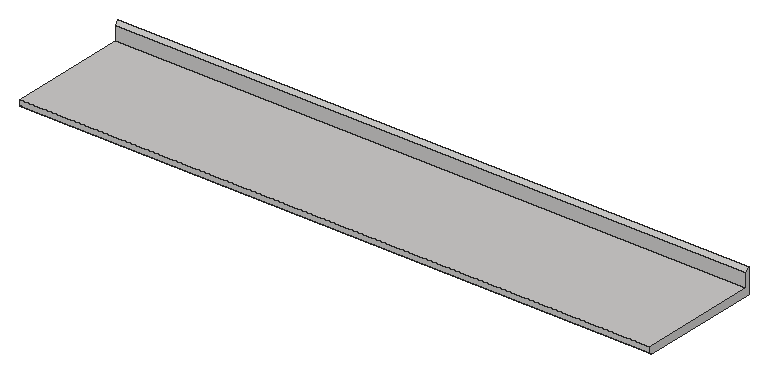
Revit family "QF_ELECTROLUXPROFESSIONAL_121174_TPLA36A", category Attrezzature speciali, Revit 2020
Family settings
  Quota connettore circolare = Usa diametro
  Tipo di parte = Normale
  Basato su piano di lavoro = No
  Sempre verticale = Sì
  Taglio con vuoti quando caricato = No
  Condiviso = No
  Punto di calcolo locali = No
Parameters (values of type "Standard")
  Weight = 113.00 kg
  Watts = 0 W
  Volts = 0 V
  URL Manufacturer = "https://www.electroluxprofessional.com/"
  URL = "https://www.electroluxprofessional.com/"
  Steam Supply Size = 0 mm
  Steam Supply Minimum Pressure = 0.0 Pa
  Steam Supply Maximum Pressure = 0.0 Pa
  Steam Consumption per Hour = 0
  Refrigeration Suction Line Size = 0.0 mm
  Refrigeration Liquid Line Size = 0.0 mm
  Refrigerant Compressor Remote = yes
  Prospetto di default = 0.0 mm
  Phase = 0
  Modello = "TPLA36A"
  Produttore = "Electrolux Professional"
  Length Actual = 3600.0 mm  # constant formula
  Item Number = "121174"
  Hot Water Size = 0 mm
  Height Actual = 140.0 mm  # constant formula
  HP = "0 HP"
  Gas Size = 0 mm
  Gas KW = 0
  Gas Input Pressure = 0 W
  Direct Waste Size = 0 mm
  Descrizione = "WORK TOP WITH UPSTAND 3600MM"
  Depth Actual = 700.0 mm  # constant formula
  Cycle = 0 Hz
  Condensate Return Size = 0 mm
  Compressed Air Volume = 0.0 L/s
  Compressed Air Size = 0 mm
  Compressed Air Pressure = 0.0 Pa
  Cold Water Size = 0 mm
  Accessory = yes
Reference planes
  plane 1 "Center (Front/Back)": y = 0
  plane 2: z = 0
  plane 3 "Center (Left/Right)": x = -1300
  plane 4 "LEFT": x = -3100
  plane 5 "RIGHT": x = 500
  plane 6 "BACK": y = 350
  plane 7 "FRONT": y = -350
  plane 8 "TOP": z = 1000
  plane 9: z = 900
  plane 10: z = 860
Forms (mm)
  Extrusion 1, solid, material "QF_Finishes_Stainless Steel"
    sketch origin (-1300, 0, 0) x (0, 1, 0) y (0, 0, 1)
      loop
        line (350, 1000) -> (330, 980) -> (330, 900) -> (-350, 900) -> (-350, 870) -> (-340, 860) -> (350, 860) -> (350, 1000)
    from 1800 to -1800
Lines and regions (mm)
  symbolic lines
    curve 1: line (500, 350, 1000) -> (-3100, 350, 1000)
    curve 2: line (-3100, 350, 1000) -> (-3100, -350, 1000)
    curve 3: line (-3100, -350, 1000) -> (500, -350, 1000)
    curve 4: line (500, -350, 1000) -> (500, 350, 1000)
    curve 5: line (-3100, 330, 1000) -> (500, 330, 1000)
Dimensions and locks
  plane 4 "LEFT" to plane 5 "RIGHT" = 3600.0 mm
  equal spacing: plane 4 "LEFT", plane 3 "Center (Left/Right)", plane 5 "RIGHT"
  plane 6 "BACK" to plane 7 "FRONT" = 700.0 mm
  equal spacing: plane 6 "BACK", plane 1 "Center (Front/Back)", plane 7 "FRONT"
  locked: plane 8 "TOP" to plane 9 at 100
  locked: plane 6 "BACK" to Extrusion 1 sketch curve at 20
  plane 10 to level = 860.0 mm
  plane 8 "TOP" to plane 10 = 140.0 mm
  aligned and locked: level to plane 2
  aligned and locked: Extrusion 1 to plane 4 "LEFT"
  aligned and locked: plane 5 "RIGHT" to Extrusion 1
  aligned and locked: curve 2 to plane 4 "LEFT"
  aligned and locked: Extrusion 1 sketch curve to plane 9
  aligned and locked: Extrusion 1 sketch curve to plane 6 "BACK"
  aligned and locked: plane 7 "FRONT" to Extrusion 1 sketch curve
  aligned and locked: plane 10 to Extrusion 1 sketch curve
Automatic sketch dimensions
  curve 3 to plane 7 "FRONT" = 0.0 mm
  curve 4 to plane 5 "RIGHT" = 0.0 mm
  curve 4 to plane 6 "BACK" = 0.0 mm
  curve 5 to plane 6 "BACK" = 20.0 mm
  Extrusion 1 sketch curve to plane 8 "TOP" = 0.0 mm
  Extrusion 1 sketch curve to plane 8 "TOP" = 20.0 mm
  plane 7 "FRONT" to Extrusion 1 sketch curve = 10.0 mm
  level to Extrusion 1 sketch curve = 870.0 mm
